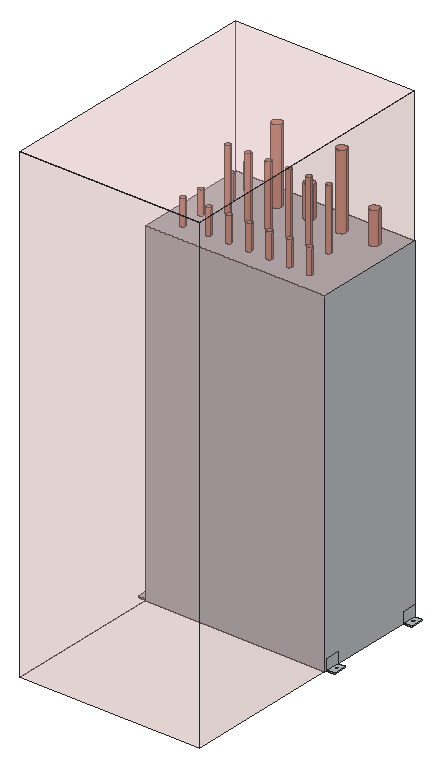
Revit family "CMB-WM350F-AA", category 機械設備, Revit 2016
Family settings
  パーツ タイプ = 標準
  丸型コネクタ寸法 = 半径を使用
  OmniClass 番号 = 23.75.00.00
  OmniClass タイトル = Climate Control (HVAC)
  作業面に基づく = いいえ
  常に垂直 = はい
  ロード時にボイドで切り取り = いいえ
  共有 = いいえ
  部屋の計算ポイント = いいえ
Parameters (values of type "CMB-WM350F-AA_230V_50Hz")
  説明 = "HBC"
  Water piping diameter To Sub HBC(O.D.) = 42.000 mm
  Water piping diameter To Indoor unit(O.D.) = 22.000 mm
  WarrantyStart = ""
  TagNumber = 0
  Space View = yes
  Sound Pressure Level (dB(A)) = 54
  SerialNumber = 0
  ReplacementYear = ""
  モデル = "CMB-WM350F-AA"
  Width = 800.000 mm
  Voltage = 230 V
  Unit Weight (kg) = 196
  URL = "http://www.mitsubishielectric.com/"
  Subcategory = "HVAC"
  Phase = 1
  製造元 = "Mitsubishi Electric Corporation"
  Number of branch = 6
  InstallationDate = ""
  Indoor unit capacity connectable to 1 branch = "Model WP/W/WL80 or smaller (Use optional joint pipe combining 2 branches when the total unit capacity exceeds WP/W/WL80.)"
  Hertz = 50 Hz
  Height = 1500.000 mm
  Heating Power Input (kW) = 1.5
  Heating Current (A) = 6.52
  Field pipe size[W/WP/WL81-100](Max 20m/40m/60m)(I.D.) = "25.2/25.2/32.6"
  Field pipe size[W/WP/WL64-80](Max 20m/40m/60m)(I.D.) = "25.2/25.2/25.2"
  Field pipe size[W/WP/WL51-63](Max 20m/40m/60m)(I.D.) = "19.9/25.2/25.2"
  Field pipe size[W/WP/WL33-50](Max 20m/40m/60m)(I.D.) = "19.9/19.9/19.9"
  Field pipe size[W/WP/WL301-750](Max 20m/40m/60m)(I.D.) = "50.8/50.8/50.8"
  Field pipe size[W/WP/WL26-32](Max 20m/40m/60m)(I.D.) = "15.5/19.9/19.9"
  Field pipe size[W/WP/WL251-300](Max 20m/40m/60m)(I.D.) = "32.6/39.6/50.8"
  Field pipe size[W/WP/WL16-25](Max 20m/40m/60m)(I.D.) = "15.5/15.5/15.5"
  Field pipe size[W/WP/WL151-250](Max 20m/40m/60m)(I.D.) = "32.6/32.6/39.6"
  Field pipe size[W/WP/WL11-15](Max 20m/40m/60m)(I.D.) = "12/12/15.5"
  Field pipe size[W/WP/WL10](Max 20m/40m/60m)(I.D.) = "12/12/12"
  Field pipe size[W/WP/WL101-150](Max 20m/40m/60m)(I.D.) = "32.6/32.6/32.6"
  External Finish = "Galvanized steel plate"
  Equip_description = ""
  Equip_No. = 0
  Equip_ID = ""
  Drain pipe_radius = 13.350 mm
  Description = ""
  Depth = 500.000 mm
  CreatedOn = ""
  CreatedBy = ""
  Cooling Power Input (kW) = 1.5
  Cooling Current (A) = 6.52
  Connection pipe of outdoor/heat source unit to M350(Low press. Pipe)(O.D.) = 28.580 mm
  Connection pipe of outdoor/heat source unit to M350(High press. Pipe)(O.D.) = 15.880 mm
  Connection pipe of outdoor/heat source unit to M250/M300(Low press. Pipe)(O.D.) = 22.200 mm
  Connection pipe of outdoor/heat source unit to M250/M300(High press. Pipe)(O.D.) = 15.880 mm
  Connection pipe of outdoor/heat source unit to M200(Low press. Pipe)(O.D.) = 19.050 mm
  Connection pipe of outdoor/heat source unit to M200(High press. Pipe)(O.D.) = 15.880 mm
  Connectable Outdoor/Heat source Unit Capacity = "PURY-M200~350YNW-A1(-BS)/PURY-EM200~350YNW-A1(-BS)"
  Category = ""
  Barcode = ""
  AssetIdentifier = ""
Types (6, lengths in mm): name | Voltage | Hertz | Heating Current (A) | Cooling Current (A)
  CMB-WM350F-AA_220V_50Hz | 220 V | 50 Hz | 6.82 | 6.82
  CMB-WM350F-AA_220V_60Hz | 220 V | 60 Hz | 6.82 | 6.82
  CMB-WM350F-AA_230V_50Hz | 230 V | 50 Hz | 6.52 | 6.52
  CMB-WM350F-AA_230V_60Hz | 230 V | 60 Hz | 6.52 | 6.52
  CMB-WM350F-AA_240V_50Hz | 240 V | 50 Hz | 6.25 | 6.25
  CMB-WM350F-AA_240V_60Hz | 240 V | 60 Hz | 6.25 | 6.25
Reference planes
  plane 1 "Center (Front/Back)": y = 0
  plane 2: z = 0
  plane 3 "Center (Left/Right)": x = 0
  plane 4: z = 1500
  plane 5: x = 18.001
  plane 6: x = -1461.999
  plane 7: y = 964.254
  plane 8: y = 1626.254
  plane 9: y = 1626.254
  plane 10: y = 1626.254
  plane 11: y = 226.254
  plane 12: y = -423.746
  plane 13: y = 250
  plane 14: y = -250
  plane 15: y = 149
  plane 16: y = 2
  plane 17: y = -161
  plane 18: x = 300
  plane 19: x = 155
  plane 20: x = 215
  plane 21: x = 260
  plane 22: x = -286
  plane 23: y = 84
  plane 24: y = 174
  plane 25: x = -301
  plane 26: y = -166
  plane 27: y = -66
  plane 28: y = -212
  plane 29: x = -400
  plane 30: x = 400
Forms (mm)
  Extrusion 1, solid, material "Plated steel"
    sketch origin (-719.999, 27.212, 4152.985) x (-1, 0, 0) y (0, -1, 0)
      loop
        line (-1119.999, 277.212) -> (-1119.999, -222.788) -> (-319.999, -222.788) -> (-319.999, 277.212) -> (-1119.999, 277.212)
    from -4152.985 to -2652.985
  Extrusion 2, solid, material "Service space", visible <- "Space View"
    sketch origin (1.445, 1.254, 5670) x (1, 0, 0) y (0, 1, 0)
      loop
        line (398.555, -951.254) -> (398.555, 248.746) -> (-401.445, 248.746) -> (-401.445, -951.254) -> (398.555, -951.254)
    from -5670 to -3570
  Extrusion 3, solid, material "Copper"
    sketch origin (-719.999, 26.712, 1500) x (-1, 0, 0) y (0, -1, 0)
      loop
        circle (-1019.999, -122.288) r 21
      loop
        circle (-729.999, -122.288) r 21
    from 0 to 140
  Extrusion 4, solid, material "Copper"
    sketch origin (-719.999, 26.712, 1500) x (-1, 0, 0) y (0, -1, 0)
      loop
        circle (-874.999, -122.288) r 21
      loop
        circle (-584.999, -122.288) r 21
    from 0 to 330
  Extrusion 5, solid, material "Copper"
    sketch origin (-719.999, 26.212, 1500) x (-1, 0, 0) y (0, -1, 0)
      loop
        circle (-934.999, 24.212) r 11
      loop
        circle (-844.999, 24.212) r 11
      loop
        circle (-754.999, 24.212) r 11
      loop
        circle (-664.999, 24.212) r 11
      loop
        circle (-574.999, 24.212) r 11
      loop
        circle (-484.999, 24.212) r 11
    from 0 to 270
  Extrusion 6, solid, material "Copper"
    sketch origin (-719.999, 27.212, 1500) x (-1, 0, 0) y (0, -1, 0)
      loop
        circle (-979.999, 188.212) r 11
      loop
        circle (-889.999, 188.212) r 11
      loop
        circle (-799.999, 188.212) r 11
      loop
        circle (-709.999, 188.212) r 11
      loop
        circle (-619.999, 188.212) r 11
      loop
        circle (-529.999, 188.212) r 11
    from 0 to 110
  Extrusion 7, solid, material "Copper"
    sketch origin (-719.999, 26.212, 1500) x (-1, 0, 0) y (0, -1, 0)
      loop
        circle (-433.999, -57.788) r 11.1
      loop
        circle (-433.999, -147.788) r 14.3
    from 0 to 105
  Extrusion 8, solid, material "Copper"
    sketch origin (-719.999, 27.212, 1500) x (-1, 0, 0) y (0, -1, 0)
      loop
        circle (-418.999, 93.212) r 11
    from 0 to 100
  Extrusion 9, solid, material "Copper"
    sketch origin (-719.999, 41.212, 1500) x (-1, 0, 0) y (0, -1, 0)
      loop
        circle (-418.999, 207.212) r 11
    from 0 to 110
  Extrusion 10, solid
    sketch origin (0, -212, 329.17) x (0, 0, 1) y (-1, 0, 0)
      loop
        circle (-239.17, 0) r 13.35
    from 0 to -50
  Extrusion 11, solid
    sketch origin (0, -212, 329.17) x (0, 0, 1) y (-1, 0, 0)
      loop
        circle (-239.17, 0) r 13.35
    from 0 to -50
Lines and regions (mm)
  model lines, not visible
    curve 1: line (487.5, -370, 703) -> (492.5, -370, 703)
    curve 2: line (477.5, -370, 363) -> (477.5, -370, 693)
    curve 3: line (492.5, -370, 353) -> (487.5, -370, 353)
    curve 4: line (502.5, -370, 693) -> (502.5, -370, 363)
    curve 5: arc (487.5, -370, 703) -> (480.429, -370, 700.071) -> (477.5, -370, 693) r 10
    curve 6: arc (492.5, -370, 703) -> (499.571, -370, 700.071) -> (502.5, -370, 693) r 10
    curve 7: arc (502.5, -370, 363) -> (499.571, -370, 355.929) -> (492.5, -370, 353) r 10
    curve 8: arc (477.5, -370, 363) -> (480.429, -370, 355.929) -> (487.5, -370, 353) r 10
Dimensions and locks
  Extrusion 1 sketch curve to Extrusion 1 sketch curve = 800.000 mm  (x2)
  Extrusion 1 sketch curve to Extrusion 1 sketch curve = 500.000 mm
  Extrusion 2 sketch curve to Extrusion 1 = 0.000 mm
  Extrusion 1 to Extrusion 2 = 800.000 mm
  Extrusion 1 to Extrusion 1 = 800.000 mm  (x2)
  Extrusion 1 to nested 1 = 36.000 mm
  nested 2 to nested 1 = 428.000 mm
  Extrusion 1 to Extrusion 1 = 500.000 mm  (x2)
  plane 15 to Extrusion 1 = 399.000 mm
  plane 16 to Extrusion 1 = 252.000 mm
  plane 17 to Extrusion 1 = 89.000 mm
  plane 18 to Extrusion 2 = 100.000 mm
  plane 19 to plane 18 = 145.000 mm
  plane 20 to Extrusion 2 = 185.000 mm
  plane 21 to Extrusion 2 = 140.000 mm
  plane 22 to Extrusion 1 = 686.000 mm
  plane 23 to Extrusion 1 = 334.000 mm
  Extrusion 1 to plane 24 = 424.000 mm
  plane 25 to Extrusion 2 = 701.000 mm
  Extrusion 1 to plane 26 = 84.000 mm
  plane 27 to Extrusion 1 = 184.000 mm
  Extrusion 2 to nested 1 = 38.000 mm
  nested 3 to nested 1 = 876.000 mm
  nested 1 to nested 3 = 846.000 mm
  equal spacing: plane 14, plane 1 "Center (Front/Back)", plane 13
  nested 1 to nested 1 = 15.000 mm
  level to plane 4 = 1500.000 mm
  plane 4 to Extrusion 2 = 600.000 mm
  plane 4 to Extrusion 4 = 330.000 mm
  Extrusion 1 to nested 3 = 36.000 mm
  nested 3 to nested 4 = 428.000 mm
  diameter of Extrusion 10 sketch curve = 26.700 mm
  diameter of Extrusion 11 sketch curve = 26.700 mm
  aligned and locked: level to plane 2
Automatic sketch dimensions
  plane 14 to Extrusion 1 sketch curve = 0.000 mm
  Extrusion 1 sketch curve to plane 30 = 0.000 mm
  plane 13 to Extrusion 2 sketch curve = 0.000 mm
  Extrusion 2 sketch curve to plane 30 = 0.000 mm
  Extrusion 2 sketch curve to plane 12 = 526.254 mm
  Extrusion 3 sketch curve to Extrusion 1 = 100.000 mm
  Extrusion 3 sketch curve to Extrusion 1 = 101.000 mm  (x2)
  Extrusion 3 sketch curve to Extrusion 3 sketch curve = 290.000 mm
  Extrusion 4 sketch curve to Extrusion 1 = 101.000 mm  (x2)
  Extrusion 4 sketch curve to Extrusion 1 = 245.000 mm
  Extrusion 4 sketch curve to Extrusion 1 = 265.000 mm
  Extrusion 5 sketch curve to Extrusion 1 = 185.000 mm
  Extrusion 5 sketch curve to Extrusion 5 sketch curve = 90.000 mm  (x5)
  Extrusion 5 sketch curve to Extrusion 1 = 248.000 mm
  Extrusion 5 sketch curve to Extrusion 5 sketch curve = 0.000 mm  (x5)
  Extrusion 6 sketch curve to Extrusion 1 = 140.000 mm
  Extrusion 6 sketch curve to Extrusion 6 sketch curve = 90.000 mm  (x5)
  Extrusion 6 sketch curve to Extrusion 1 = 89.000 mm  (x6)
  Extrusion 7 sketch curve to Extrusion 1 = 114.000 mm
  Extrusion 7 sketch curve to Extrusion 7 sketch curve = 0.000 mm
  Extrusion 7 sketch curve to Extrusion 1 = 76.000 mm
  Extrusion 7 sketch curve to Extrusion 7 sketch curve = 90.000 mm
  Extrusion 8 sketch curve to Extrusion 1 = 99.000 mm
  Extrusion 8 sketch curve to Extrusion 1 = 184.000 mm
  Extrusion 9 sketch curve to Extrusion 1 = 99.000 mm
  Extrusion 9 sketch curve to Extrusion 1 = 84.000 mm
  Extrusion 10 sketch curve to plane 3 "Center (Left/Right)" = 0.000 mm
  level to Extrusion 10 sketch curve = 90.000 mm
  Extrusion 11 sketch curve to plane 3 "Center (Left/Right)" = 0.000 mm
  level to Extrusion 11 sketch curve = 90.000 mm
  radius of Extrusion 3 sketch curve = 21.000 mm  (x2)
  radius of Extrusion 4 sketch curve = 21.000 mm  (x2)
  radius of Extrusion 5 sketch curve = 11.000 mm  (x6)
  radius of Extrusion 6 sketch curve = 11.000 mm  (x6)
  radius of Extrusion 7 sketch curve = 11.100 mm
  radius of Extrusion 7 sketch curve = 14.300 mm
  radius of Extrusion 8 sketch curve = 11.000 mm
  radius of Extrusion 9 sketch curve = 11.000 mm
Nested families
  nested 1: "Leg_分コン縦置き" at (415, -214, 0) x (0, 1, 0) z (0, 0, 1), type "Leg_分コン縦置き"
  nested 2: "Leg_分コン縦置き" at (415, 214, 0) x (0, 1, 0) z (0, 0, 1), type "Leg_分コン縦置き"
  nested 3: "Leg_分コン縦置き" at (-415, -214, 0) x (0, 1, 0) z (0, 0, 1), type "Leg_分コン縦置き"
  nested 4: "Leg_分コン縦置き" at (-415, 214, 0) x (0, 1, 0) z (0, 0, 1), type "Leg_分コン縦置き"
Connectors
  piping at (260, -161, 1610), diameter 22
    settings: on Extrusion 6, index 56, connector inside diameter 609.6 mm, connector length 0.000 mm, flow factor 0, pipe flow 0.0 L/s, pressure drop 0.0 Pa, fitting loss kfactor 0, connector angle 0.00°, fixture units 0, engagement length 0.000 mm, angle of deflection 0.00°, flow configuration 0, flow direction 0, fitting loss method 0, system type 22, joint type 0, gender type 0, connector reference index -1, connector utility 0, adjustable connector no, is connector primary yes, connector description "Connection pipe from indoor unit"
  piping at (170, -161, 1610), diameter 22
    settings: on Extrusion 6, index 57, connector inside diameter 609.6 mm, connector length 0.000 mm, flow factor 0, pipe flow 0.0 L/s, pressure drop 0.0 Pa, fitting loss kfactor 0, connector angle 0.00°, fixture units 0, engagement length 0.000 mm, angle of deflection 0.00°, flow configuration 0, flow direction 0, fitting loss method 0, system type 22, joint type 0, gender type 0, connector reference index -1, connector utility 0, adjustable connector no, is connector primary no, connector description "Connection pipe from indoor unit"
  piping at (80, -161, 1610), diameter 22
    settings: on Extrusion 6, index 58, connector inside diameter 609.6 mm, connector length 0.000 mm, flow factor 0, pipe flow 0.0 L/s, pressure drop 0.0 Pa, fitting loss kfactor 0, connector angle 0.00°, fixture units 0, engagement length 0.000 mm, angle of deflection 0.00°, flow configuration 0, flow direction 0, fitting loss method 0, system type 22, joint type 0, gender type 0, connector reference index -1, connector utility 0, adjustable connector no, is connector primary no, connector description "Connection pipe from indoor unit"
  piping at (-10, -161, 1610), diameter 22
    settings: on Extrusion 6, index 59, connector inside diameter 609.6 mm, connector length 0.000 mm, flow factor 0, pipe flow 0.0 L/s, pressure drop 0.0 Pa, fitting loss kfactor 0, connector angle 0.00°, fixture units 0, engagement length 0.000 mm, angle of deflection 0.00°, flow configuration 0, flow direction 0, fitting loss method 0, system type 22, joint type 0, gender type 0, connector reference index -1, connector utility 0, adjustable connector no, is connector primary no, connector description "Connection pipe from indoor unit"
  piping at (-100, -161, 1610), diameter 22
    settings: on Extrusion 6, index 60, connector inside diameter 609.6 mm, connector length 0.000 mm, flow factor 0, pipe flow 0.0 L/s, pressure drop 0.0 Pa, fitting loss kfactor 0, connector angle 0.00°, fixture units 0, engagement length 0.000 mm, angle of deflection 0.00°, flow configuration 0, flow direction 0, fitting loss method 0, system type 22, joint type 0, gender type 0, connector reference index -1, connector utility 0, adjustable connector no, is connector primary no, connector description "Connection pipe from indoor unit"
  piping at (-190, -161, 1610), diameter 22
    settings: on Extrusion 6, index 61, connector inside diameter 609.6 mm, connector length 0.000 mm, flow factor 0, pipe flow 0.0 L/s, pressure drop 0.0 Pa, fitting loss kfactor 0, connector angle 0.00°, fixture units 0, engagement length 0.000 mm, angle of deflection 0.00°, flow configuration 0, flow direction 0, fitting loss method 0, system type 22, joint type 0, gender type 0, connector reference index -1, connector utility 0, adjustable connector no, is connector primary no, connector description "Connection pipe from indoor unit"
  piping at (215, 2, 1770), diameter 22
    settings: on Extrusion 5, index 62, connector inside diameter 609.6 mm, connector length 0.000 mm, flow factor 0, pipe flow 0.0 L/s, pressure drop 0.0 Pa, fitting loss kfactor 0, connector angle 0.00°, fixture units 0, engagement length 0.000 mm, angle of deflection 0.00°, flow configuration 0, flow direction 0, fitting loss method 0, system type 22, joint type 0, gender type 0, connector reference index -1, connector utility 0, adjustable connector no, is connector primary no, connector description "Connection pipe to indoor unit"
  piping at (125, 2, 1770), diameter 22
    settings: on Extrusion 5, index 63, connector inside diameter 609.6 mm, connector length 0.000 mm, flow factor 0, pipe flow 0.0 L/s, pressure drop 0.0 Pa, fitting loss kfactor 0, connector angle 0.00°, fixture units 0, engagement length 0.000 mm, angle of deflection 0.00°, flow configuration 0, flow direction 0, fitting loss method 0, system type 22, joint type 0, gender type 0, connector reference index -1, connector utility 0, adjustable connector no, is connector primary no, connector description "Connection pipe to indoor unit"
  piping at (35, 2, 1770), diameter 22
    settings: on Extrusion 5, index 64, connector inside diameter 609.6 mm, connector length 0.000 mm, flow factor 0, pipe flow 0.0 L/s, pressure drop 0.0 Pa, fitting loss kfactor 0, connector angle 0.00°, fixture units 0, engagement length 0.000 mm, angle of deflection 0.00°, flow configuration 0, flow direction 0, fitting loss method 0, system type 22, joint type 0, gender type 0, connector reference index -1, connector utility 0, adjustable connector no, is connector primary no, connector description "Connection pipe to indoor unit"
  piping at (-55, 2, 1770), diameter 22
    settings: on Extrusion 5, index 65, connector inside diameter 609.6 mm, connector length 0.000 mm, flow factor 0, pipe flow 0.0 L/s, pressure drop 0.0 Pa, fitting loss kfactor 0, connector angle 0.00°, fixture units 0, engagement length 0.000 mm, angle of deflection 0.00°, flow configuration 0, flow direction 0, fitting loss method 0, system type 22, joint type 0, gender type 0, connector reference index -1, connector utility 0, adjustable connector no, is connector primary no, connector description "Connection pipe to indoor unit"
  piping at (-145, 2, 1770), diameter 22
    settings: on Extrusion 5, index 66, connector inside diameter 609.6 mm, connector length 0.000 mm, flow factor 0, pipe flow 0.0 L/s, pressure drop 0.0 Pa, fitting loss kfactor 0, connector angle 0.00°, fixture units 0, engagement length 0.000 mm, angle of deflection 0.00°, flow configuration 0, flow direction 0, fitting loss method 0, system type 22, joint type 0, gender type 0, connector reference index -1, connector utility 0, adjustable connector no, is connector primary no, connector description "Connection pipe to indoor unit"
  piping at (-235, 2, 1770), diameter 22
    settings: on Extrusion 5, index 67, connector inside diameter 609.6 mm, connector length 0.000 mm, flow factor 0, pipe flow 0.0 L/s, pressure drop 0.0 Pa, fitting loss kfactor 0, connector angle 0.00°, fixture units 0, engagement length 0.000 mm, angle of deflection 0.00°, flow configuration 0, flow direction 0, fitting loss method 0, system type 22, joint type 0, gender type 0, connector reference index -1, connector utility 0, adjustable connector no, is connector primary no, connector description "Connection pipe to indoor unit"
  piping at (300, 149, 1640), diameter 42
    settings: on Extrusion 3, index 68, connector inside diameter 609.6 mm, connector length 0.000 mm, flow factor 0, pipe flow 0.0 L/s, pressure drop 0.0 Pa, fitting loss kfactor 0, connector angle 0.00°, fixture units 0, engagement length 0.000 mm, angle of deflection 0.00°, flow configuration 0, flow direction 0, fitting loss method 0, system type 22, joint type 0, gender type 0, connector reference index -1, connector utility 0, adjustable connector no, is connector primary no, connector description "Connection pipe from SUB HBC"
  piping at (155, 149, 1830), diameter 42
    settings: on Extrusion 4, index 69, connector inside diameter 609.6 mm, connector length 0.000 mm, flow factor 0, pipe flow 0.0 L/s, pressure drop 0.0 Pa, fitting loss kfactor 0, connector angle 0.00°, fixture units 0, engagement length 0.000 mm, angle of deflection 0.00°, flow configuration 0, flow direction 0, fitting loss method 0, system type 22, joint type 0, gender type 0, connector reference index -1, connector utility 0, adjustable connector no, is connector primary no, connector description "Connection pipe to SUB HBC"
  piping at (10, 149, 1640), diameter 42
    settings: on Extrusion 3, index 70, connector inside diameter 609.6 mm, connector length 0.000 mm, flow factor 0, pipe flow 0.0 L/s, pressure drop 0.0 Pa, fitting loss kfactor 0, connector angle 0.00°, fixture units 0, engagement length 0.000 mm, angle of deflection 0.00°, flow configuration 0, flow direction 0, fitting loss method 0, system type 22, joint type 0, gender type 0, connector reference index -1, connector utility 0, adjustable connector no, is connector primary no, connector description "Connection pipe to SUB HBC"
  piping at (-135, 149, 1830), diameter 42
    settings: on Extrusion 4, index 71, connector inside diameter 609.6 mm, connector length 0.000 mm, flow factor 0, pipe flow 0.0 L/s, pressure drop 0.0 Pa, fitting loss kfactor 0, connector angle 0.00°, fixture units 0, engagement length 0.000 mm, angle of deflection 0.00°, flow configuration 0, flow direction 0, fitting loss method 0, system type 22, joint type 0, gender type 0, connector reference index -1, connector utility 0, adjustable connector no, is connector primary no, connector description "Connection pipe from SUB HBC"
  piping at (-301, -66, 1600), diameter 22
    settings: on Extrusion 8, index 72, connector inside diameter 609.6 mm, connector length 0.000 mm, flow factor 0, pipe flow 0.0 L/s, pressure drop 0.0 Pa, fitting loss kfactor 0, connector angle 0.00°, fixture units 0, engagement length 0.000 mm, angle of deflection 0.00°, flow configuration 0, flow direction 0, fitting loss method 0, system type 22, joint type 0, gender type 0, connector reference index -1, connector utility 0, adjustable connector no, is connector primary no, connector description "Water pipe(Expansion Vessel)"
  piping at (-301, -166, 1610), diameter 22
    settings: on Extrusion 9, index 73, connector inside diameter 609.6 mm, connector length 0.000 mm, flow factor 0, pipe flow 0.0 L/s, pressure drop 0.0 Pa, fitting loss kfactor 0, connector angle 0.00°, fixture units 0, engagement length 0.000 mm, angle of deflection 0.00°, flow configuration 0, flow direction 0, fitting loss method 0, system type 22, joint type 0, gender type 0, connector reference index -1, connector utility 0, adjustable connector no, is connector primary no, connector description "Water pipe(Inlet)"
  piping at (-286, 174, 1605), diameter 28.6
    settings: on Extrusion 7, index 74, connector inside diameter 609.6 mm, connector length 0.000 mm, flow factor 0, pipe flow 0.0 L/s, pressure drop 0.0 Pa, fitting loss kfactor 0, connector angle 0.00°, fixture units 0, engagement length 0.000 mm, angle of deflection 0.00°, flow configuration 0, flow direction 0, fitting loss method 0, system type 22, joint type 0, gender type 0, connector reference index -1, connector utility 0, adjustable connector no, is connector primary no, connector description "(Low pressure) Connection pipe of outdoor/heat source unit"
  piping at (-286, 84, 1605), diameter 22.2
    settings: on Extrusion 7, index 75, connector inside diameter 609.6 mm, connector length 0.000 mm, flow factor 0, pipe flow 0.0 L/s, pressure drop 0.0 Pa, fitting loss kfactor 0, connector angle 0.00°, fixture units 0, engagement length 0.000 mm, angle of deflection 0.00°, flow configuration 0, flow direction 0, fitting loss method 0, system type 22, joint type 0, gender type 0, connector reference index -1, connector utility 0, adjustable connector no, is connector primary no, connector description "(High pressure) Connection pipe of outdoor/heat source unit"
  piping at (0, -212, 90), diameter 26.7
    settings: on Extrusion 10, index 76, connector inside diameter 609.6 mm, connector length 0.000 mm, flow factor 0, pipe flow 0.0 L/s, pressure drop 0.0 Pa, fitting loss kfactor 0, connector angle 0.00°, fixture units 0, engagement length 0.000 mm, angle of deflection 0.00°, flow configuration 0, flow direction 2, fitting loss method 0, system type 22, joint type 0, gender type 0, connector reference index -1, connector utility 0, adjustable connector no, is connector primary no, connector description "drain pipe"
  electrical at (0, -250, 750), driven by "Phase", driven by "Voltage"
    settings: on Extrusion 1, index 77, voltage 230 V, apparent load 0 VA, apparent load phase1 0 VA, apparent load phase2 0 VA, apparent load phase3 0 VA, power factor 1, load classification "その他", number of poles 1, system type 30, power factor state 1, is connector primary yes, connector utility no, sub classification motor no, connector description ""
Definition of nested family "Leg_分コン縦置き"
  Parameters (values of type "Leg_分コン縦置き")
    Assembly Code = ""
  Reference planes
    plane 1: z = 0
    plane 2 "中心(左/右)": x = 0
    plane 3: x = 30
    plane 4: x = -30
    plane 5: y = -23
    plane 6: y = 27
    plane 7: y = 15
    plane 8: y = -20.7
    plane 9: y = 24.7
    plane 10: z = -12
    plane 11: z = -40.7
    plane 12: z = -2.3
    plane 13: z = -20
    plane 14: z = -38
    plane 15: x = 10
    plane 16: x = -10
  Forms (mm)
    Extrusion 1, solid
      sketch origin (0, 0, 0) x (1, 0, 0) y (0, 1, 0)
        loop
          line (-30, 15) -> (-30, -23) -> (30, -23) -> (30, 15) -> (-30, 15)
      from 0 to 50
    Extrusion 2, void
      sketch origin (30, 15, 0) x (0, 1, 0) y (0, 0, -1)
        loop
          line (-38, -50) -> (-4.5, -50) -> (-4.5, -4.5) -> (-38, -4.5) -> (-38, -50)
      from 0 to 60
    Extrusion 3, void
      sketch origin (0, 0, 0) x (1, 0, 0) y (0, 1, 0)
        loop
          circle (0, -8) r 5
      from 0 to 250
    Extrusion 4, void
      sketch origin (30, 10.5, 4.5) x (1, 0, 0) y (0, -1, 0)
        loop
          line (0, 28.5) -> (0, 33.5) -> (-5, 33.5) -> (0, 28.5)
        loop
          line (-55, 33.5) -> (-60, 33.5) -> (-60, 28.5) -> (-55, 33.5)
      from 0 to 4.5
  Cuts and joins
    Extrusion 2, Extrusion 3, Extrusion 4 cuts Extrusion 1
  Dimensions and locks
    equal spacing: plane 4, plane 2 "中心(左/右)", plane 3
    plane 4 to plane 3 = 60.000 mm
    plane 5 to plane 7 = 38.000 mm  (x2)
    Extrusion 1 to Extrusion 2 sketch curve = 4.500 mm  (x2)
    aligned and locked: level to plane 1
  Automatic sketch dimensions
    Extrusion 1 sketch curve to plane 4 = 0.000 mm
    Extrusion 1 sketch curve to plane 3 = 0.000 mm
    plane 5 to Extrusion 1 sketch curve = 0.000 mm
    plane 7 to Extrusion 1 sketch curve = 0.000 mm
    Extrusion 2 sketch curve to Extrusion 1 = 0.000 mm  (x2)
    Extrusion 3 sketch curve to plane 2 "中心(左/右)" = 0.000 mm
    Extrusion 4 sketch curve to Extrusion 2 = 0.000 mm  (x3)
    Extrusion 2 to Extrusion 4 sketch curve = 0.000 mm
    Extrusion 2 to Extrusion 4 sketch curve = 5.000 mm
    Extrusion 4 sketch curve to Extrusion 2 = 5.000 mm  (x2)
    Extrusion 4 sketch curve to Extrusion 4 sketch curve = 5.000 mm
    plane 8 to Extrusion 3 sketch curve = 12.700 mm
    radius of Extrusion 3 sketch curve = 5.000 mm
